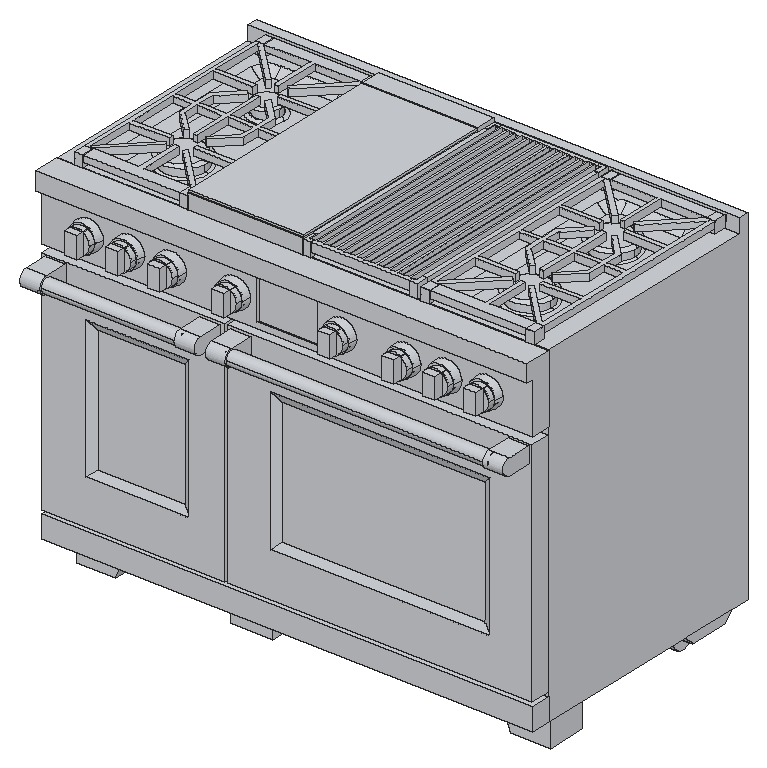
Revit family "DF48450CG_S_P", category Generic Models, Revit 2020
Family settings
  Can host rebar = No
  Round Connector Dimension = Use Diameter
  Part Type = Normal
  Work Plane-Based = No
  Always vertical = Yes
  Cut with Voids When Loaded = No
  Shared = No
  Room Calculation Point = No
Parameters
  Default Elevation = 0' - 0"
Reference planes (in)
  plane 1 "Center (Front/Back)": y = 0
  plane 2: z = 0
  plane 3 "Center (Left/Right)": x = 0
Forms (in)
  Extrusion 1, solid
    sketch origin (0, 0, 0) x (0, 1, 0) y (0, 0, 1)
      loop
        line (1.88976, 35.59055) -> (-0.70866, 35.59055) -> (-0.70866, 33.89764) -> (0, 33.89764) -> (0, 28.9252) -> (1.88976, 28.9252) -> (1.88976, 35.59055)
    from 0 to 47.87401
  Extrusion 2, solid
    sketch origin (0, 0, 0) x (0, 1, 0) y (0, 0, 1)
      loop
        line (26.14173, 36.9685) -> (25.15748, 36.9685) -> (25.15748, 35.59055) -> (1.9685, 35.59055) -> (1.9685, 3.14961) -> (26.14173, 3.14961) -> (26.14173, 36.9685)
    from 0 to 47.87401
  Extrusion 3, solid
    sketch origin (0, 0, 0) x (0, 1, 0) y (0, 0, 1)
      loop
        line (1.9685, 5.31496) -> (0, 5.31496) -> (0, 3.14961) -> (1.9685, 3.14961) -> (1.9685, 5.31496)
    from 0 to 47.87401
  Extrusion 4, solid
    sketch origin (0, 0, 0) x (0, 1, 0) y (0, 0, 1)
      loop
        line (0, 28.18898) -> (0, 5.70866) -> (1.9685, 5.70866) -> (1.9685, 28.18898) -> (0, 28.18898)
    from 0 to 17.79528
  Extrusion 5, solid
    sketch origin (0, 0, 0) x (0, 1, 0) y (0, 0, 1)
      loop
        line (0, 26.41732) -> (0, 27.99213) -> (-2.3622, 27.99213)
        arc (-2.3622, 27.99213) -> (-3.14961, 27.20472) -> (-2.3622, 26.41732) r 0.7874
        line (-2.3622, 26.41732) -> (0, 26.41732)
    from 0.40557 to 2.36419
  Extrusion 6, solid
    sketch origin (26.75, 0, 0) x (0, 1, 0) y (0, 0, 1)
      loop
        line (0, 26.41732) -> (0, 27.99213) -> (-2.3622, 27.99213)
        arc (-2.3622, 27.99213) -> (-3.14961, 27.20472) -> (-2.3622, 26.41732) r 0.7874
        line (-2.3622, 26.41732) -> (0, 26.41732)
    from -11.31693 to -9.35529
  Extrusion 7, solid
    sketch origin (0, 0, 0) x (0, 1, 0) y (0, 0, 1)
      loop
        circle (-2.41707, 27.24489) r 0.66649
    from 1.8261 to 15.89362
  Extrusion 8, solid
    sketch origin (0, 0, 0) x (1, 0, 0) y (0, 0, 1)
      loop
        line (0.84646, 3.14961) -> (0.84646, 0) -> (4.66535, 0) -> (5.90551, 3.14961) -> (0.84646, 3.14961)
    from -7.02923 to -3.18791
  Extrusion 9, solid
    sketch origin (17.99213, 0, 0) x (1, 0, 0) y (0, 0, 1)
      loop
        line (23.97638, 3.14961) -> (25.21654, 0) -> (29.03543, 0) -> (29.03543, 3.14961) -> (23.97638, 3.14961)
    from -7.02923 to -3.18791
  Extrusion 10, solid
    sketch origin (0, 0, 0) x (0, 1, 0) y (0, 0, 1)
      loop
        line (24.17323, 3.14961) -> (18.66142, 3.14961) -> (19.45248, 2.27893) -> (23.38927, 2.27893) -> (24.17323, 3.14961)
    from 0 to 4.72441
  Extrusion 11, solid
    sketch origin (0, 0, 0) x (0, 1, 0) y (0, 0, 1)
      loop
        line (22.5954, 2.27893) -> (20.23924, 2.27893) -> (21.02362, 1.10236) -> (21.81102, 1.10236) -> (22.5954, 2.27893)
    from 1.5748 to 3.93701
  Extrusion 12, solid
    sketch origin (0, 0, 0) x (0, 1, 0) y (0, 0, 1)
      loop
        circle (21.41732, 1.10236) r 1.1236
    from 2.55906 to 2.95276
  Extrusion 13, solid
    sketch origin (43.14961, 0, 0) x (0, 1, 0) y (0, 0, 1)
      loop
        line (24.17323, 3.14961) -> (18.66142, 3.14961) -> (19.45248, 2.27893) -> (23.38927, 2.27893) -> (24.17323, 3.14961)
    from 0 to 4.72441
  Extrusion 14, solid
    sketch origin (42.36522, 0, 0) x (0, 1, 0) y (0, 0, 1)
      loop
        line (22.5954, 2.27893) -> (20.23924, 2.27893) -> (21.02362, 1.10236) -> (21.81102, 1.10236) -> (22.5954, 2.27893)
    from 1.5748 to 3.93701
  Extrusion 15, solid
    sketch origin (42.36522, 0, 0) x (0, 1, 0) y (0, 0, 1)
      loop
        circle (21.41732, 1.10236) r 1.1236
    from 2.55906 to 2.95276
  Blend 16, solid
    base sketch origin (0.90551, 0, 0) x (1, 0, 0) y (0, 0, 1)
      loop
        circle (3.62205, 31.31299) r 1.45314
    top sketch origin (0.90551, 0, 0) x (1, 0, 0) y (0, 0, 1)
      loop
        circle (3.62205, 31.31299) r 1.33532
    from 0 to 0.7874
  Extrusion 17, solid
    sketch origin (0.90551, 0, 0) x (1, 0, 0) y (0, 0, 1)
      loop
        circle (3.62205, 31.31299) r 1.21601
    from 0 to 1.37795
  Extrusion 18, solid
    sketch origin (0.90551, 0, 0) x (1, 0, 0) y (0, 0, 1)
      loop
        line (3.0315, 32.37598) -> (3.0315, 30.29013) -> (4.2126, 30.29013) -> (4.2126, 32.37598) -> (3.0315, 32.37598)
    from 0 to 2.15573
  Blend 19, solid, not visible
    base sketch origin (0, 0, 0) x (1, 0, 0) y (0, 0, 1)
      loop
        circle (3.62205, 31.31299) r 1.45314
    top sketch origin (0, 0, 0) x (1, 0, 0) y (0, 0, 1)
      loop
        circle (3.62205, 31.31299) r 1.33532
    from 0 to 0.7874
  Extrusion 20, solid, not visible
    sketch origin (0, 0, 0) x (1, 0, 0) y (0, 0, 1)
      loop
        circle (3.62205, 31.31299) r 1.21601
    from 0 to 1.37795
  Extrusion 21, solid, not visible
    sketch origin (0, 0, 0) x (1, 0, 0) y (0, 0, 1)
      loop
        line (3.0315, 32.37598) -> (3.0315, 30.29013) -> (4.2126, 30.29013) -> (4.2126, 32.37598) -> (3.0315, 32.37598)
    from 0 to 2.15573
  Blend 22, solid
    base sketch origin (4.92126, 0, 0) x (1, 0, 0) y (0, 0, 1)
      loop
        circle (3.62205, 31.31299) r 1.45314
    top sketch origin (4.92126, 0, 0) x (1, 0, 0) y (0, 0, 1)
      loop
        circle (3.62205, 31.31299) r 1.33532
    from 0 to 0.7874
  Extrusion 23, solid
    sketch origin (4.92126, 0, 0) x (1, 0, 0) y (0, 0, 1)
      loop
        circle (3.62205, 31.31299) r 1.21601
    from 0 to 1.37795
  Extrusion 24, solid
    sketch origin (4.92126, 0, 0) x (1, 0, 0) y (0, 0, 1)
      loop
        line (3.0315, 32.37598) -> (3.0315, 30.29013) -> (4.2126, 30.29013) -> (4.2126, 32.37598) -> (3.0315, 32.37598)
    from 0 to 2.15573
  Blend 25, solid
    base sketch origin (9.00306, 0, 0) x (1, 0, 0) y (0, 0, 1)
      loop
        circle (3.62205, 31.31299) r 1.45314
    top sketch origin (9.00306, 0, 0) x (1, 0, 0) y (0, 0, 1)
      loop
        circle (3.62205, 31.31299) r 1.33532
    from 0 to 0.7874
  Extrusion 26, solid
    sketch origin (9.00306, 0, 0) x (1, 0, 0) y (0, 0, 1)
      loop
        circle (3.62205, 31.31299) r 1.21601
    from 0 to 1.37795
  Extrusion 27, solid
    sketch origin (9.00306, 0, 0) x (1, 0, 0) y (0, 0, 1)
      loop
        line (3.0315, 32.37598) -> (3.0315, 30.29013) -> (4.2126, 30.29013) -> (4.2126, 32.37598) -> (3.0315, 32.37598)
    from 0 to 2.15573
  Blend 28, solid
    base sketch origin (15.23622, 0, 0) x (1, 0, 0) y (0, 0, 1)
      loop
        circle (3.62205, 31.31299) r 1.45314
    top sketch origin (15.23622, 0, 0) x (1, 0, 0) y (0, 0, 1)
      loop
        circle (3.62205, 31.31299) r 1.33532
    from 0 to 0.7874
  Extrusion 29, solid
    sketch origin (15.23622, 0, 0) x (1, 0, 0) y (0, 0, 1)
      loop
        circle (3.62205, 31.31299) r 1.21601
    from 0 to 1.37795
  Extrusion 30, solid
    sketch origin (15.23622, 0, 0) x (1, 0, 0) y (0, 0, 1)
      loop
        line (3.0315, 32.37598) -> (3.0315, 30.29013) -> (4.2126, 30.29013) -> (4.2126, 32.37598) -> (3.0315, 32.37598)
    from 0 to 2.15573
  Blend 31, solid
    base sketch origin (25.59072, 0, 0) x (1, 0, 0) y (0, 0, 1)
      loop
        circle (3.62205, 31.31299) r 1.45314
    top sketch origin (25.59072, 0, 0) x (1, 0, 0) y (0, 0, 1)
      loop
        circle (3.62205, 31.31299) r 1.33532
    from 0 to 0.7874
  Extrusion 32, solid
    sketch origin (25.59072, 0, 0) x (1, 0, 0) y (0, 0, 1)
      loop
        circle (3.62205, 31.31299) r 1.21601
    from 0 to 1.37795
  Extrusion 33, solid
    sketch origin (25.59072, 0, 0) x (1, 0, 0) y (0, 0, 1)
      loop
        line (3.0315, 32.37598) -> (3.0315, 30.29013) -> (4.2126, 30.29013) -> (4.2126, 32.37598) -> (3.0315, 32.37598)
    from 0 to 2.15573
  Extrusion 34, void
    sketch origin (0, 0, 0) x (1, 0, 0) y (0, 0, 1)
      loop
        line (26.89068, 33.47638) -> (20.99005, 33.47638) -> (20.99005, 29.46063) -> (26.89068, 29.46063) -> (26.89068, 33.47638)
    from -0.22861 to 12
  Blend 35, void
    base sketch origin (0, 0, 0) x (1, 0, 0) y (0, 0, 1)
      loop
        line (5.09843, 23.05118) -> (5.09843, 10.84646) -> (13.58268, 10.84646) -> (13.58268, 23.05118) -> (5.09843, 23.05118)
    top sketch origin (0, 0, 0) x (1, 0, 0) y (0, 0, 1)
      loop
        line (14.37008, 23.83858) -> (4.31102, 23.83858) -> (4.31102, 10.05905) -> (14.37008, 10.05905) -> (14.37008, 23.83858)
    from -0.3937 to 0
  Blend 36, void
    base sketch origin (0.17716, 0, 0) x (1, 0, 0) y (0, 1, 0)
      loop
        arc (4.14855, 22.95276) -> (3.56747, 22.71206) -> (3.32677, 22.13098) r 0.82178
        line (3.32677, 22.13098) -> (3.32677, 4.8769)
        arc (3.32677, 4.8769) -> (3.56747, 4.29581) -> (4.14855, 4.05512) r 0.82178
        line (4.14855, 4.05512) -> (9.98531, 4.05512)
        arc (9.98531, 4.05512) -> (10.56639, 4.29581) -> (10.80709, 4.8769) r 0.82178
        line (10.80709, 4.8769) -> (10.80709, 22.13098)
        arc (10.80709, 22.13098) -> (10.56639, 22.71206) -> (9.98531, 22.95276) r 0.82178
        line (9.98531, 22.95276) -> (4.14855, 22.95276)
    top sketch origin (0.17716, 0, 0) x (1, 0, 0) y (0, 1, 0)
      loop
        arc (4.12346, 23.74016) -> (2.98272, 23.26764) -> (2.5102, 22.1269) r 1.61326
        line (2.5102, 22.1269) -> (2.5102, 4.8769)
        arc (2.5102, 4.8769) -> (2.98101, 3.74026) -> (4.11765, 3.26945) r 1.60744
        line (4.11765, 3.26945) -> (10.0306, 3.26945)
        arc (10.0306, 3.26945) -> (11.13644, 3.7275) -> (11.59449, 4.83334) r 1.56388
        line (11.59449, 4.83334) -> (11.59449, 22.13098)
        arc (11.59449, 22.13098) -> (11.12317, 23.26884) -> (9.98531, 23.74016) r 1.60918
        line (9.98531, 23.74016) -> (4.12346, 23.74016)
    from 34.80848 to 35.59055
  Extrusion 37, solid
    sketch origin (0.17716, 0, 0) x (1, 0, 0) y (0, 1, 0)
      loop
        line (1.55512, 25.15748) -> (1.55512, 1.88976) -> (12.57874, 1.88976) -> (12.57874, 25.15748) -> (1.55512, 25.15748)
      loop
        line (2.22659, 23.93701) -> (6.25887, 19.90473) -> (5.97639, 19.62225) -> (1.94342, 23.65522) -> (1.94342, 18.58268) -> (5.88583, 18.58268) -> (5.88583, 18.18898) -> (1.94342, 18.18898) -> (1.94342, 13.70079) -> (3.91732, 13.70079) -> (3.91732, 15.35713) -> (5.94192, 17.38172) -> (6.22031, 17.10333) -> (4.31102, 15.19405) -> (4.31102, 13.70079) -> (6.87008, 13.70079) -> (6.87008, 17.27886) -> (7.26545, 17.27886) -> (7.26545, 13.70079) -> (9.82036, 13.70079) -> (9.82036, 15.19738) -> (7.91548, 17.10225) -> (8.19345, 17.38021) -> (10.21654, 15.35713) -> (10.21654, 13.70079) -> (12.18504, 13.70079) -> (12.18504, 18.18898) -> (8.24803, 18.18898) -> (8.24803, 18.58268) -> (12.18504, 18.58268) -> (12.18504, 23.65908) -> (8.15161, 19.62565) -> (7.86344, 19.91382) -> (11.88664, 23.93701) -> (7.26378, 23.93701) -> (7.26378, 19.6063) -> (6.87008, 19.6063) -> (6.87008, 23.93701) -> (2.22659, 23.93701)
      loop
        line (9.82036, 11.79288) -> (9.82036, 13.30709) -> (7.26545, 13.30709) -> (7.26545, 9.74409) -> (6.87008, 9.74409) -> (6.87008, 13.30709) -> (4.31102, 13.30709) -> (4.31102, 11.81382) -> (6.22187, 9.90297) -> (5.94348, 9.62459) -> (3.91732, 11.65075) -> (3.91732, 13.31073) -> (1.94342, 13.31073) -> (1.94342, 8.38583) -> (5.88583, 8.38583) -> (5.88583, 7.99213) -> (1.94342, 7.99213) -> (1.94342, 3.37305) -> (5.97438, 7.40401) -> (6.26736, 7.11102) -> (2.22655, 3.07021) -> (6.86986, 3.07021) -> (6.86986, 7.40401) -> (7.26545, 7.40401) -> (7.26545, 3.07021) -> (11.90457, 3.07021) -> (7.84812, 7.12666) -> (8.11918, 7.39772) -> (12.18504, 3.33186) -> (12.18504, 7.99213) -> (8.24803, 7.99213) -> (8.24803, 8.38583) -> (12.18504, 8.38583) -> (12.18504, 13.30709) -> (10.21654, 13.30709) -> (10.21654, 11.65075) -> (8.19038, 9.62459) -> (7.92122, 9.89374) -> (9.82036, 11.79288)
    from 36.10253 to 36.77165
  Extrusion 38, solid
    sketch origin (0.17716, 0, 0) x (1, 0, 0) y (0, 1, 0)
      loop
        line (11.79134, 3.07021) -> (11.79134, 1.88976) -> (12.57874, 1.88976) -> (12.57874, 3.07021) -> (11.79134, 3.07021)
      loop
        line (12.57874, 25.11811) -> (11.79134, 25.11811) -> (11.79134, 23.93701) -> (12.57874, 23.93701) -> (12.57874, 25.11811)
      loop
        line (1.55512, 25.11811) -> (1.55512, 23.93701) -> (2.34252, 23.93701) -> (2.34252, 25.11811) -> (1.55512, 25.11811)
      loop
        line (2.34252, 3.07021) -> (1.55512, 3.07021) -> (1.55512, 1.88976) -> (2.34252, 1.88976) -> (2.34252, 3.07021)
    from 35.59055 to 36.77165
  Extrusion 39, solid
    sketch origin (33.91732, 0, 0) x (1, 0, 0) y (0, 1, 0)
      loop
        line (1.55512, 25.15748) -> (1.55512, 1.88976) -> (12.57874, 1.88976) -> (12.57874, 25.15748) -> (1.55512, 25.15748)
      loop
        line (2.22659, 23.93701) -> (6.25887, 19.90473) -> (5.97639, 19.62225) -> (1.94342, 23.65522) -> (1.94342, 18.58268) -> (5.88583, 18.58268) -> (5.88583, 18.18898) -> (1.94342, 18.18898) -> (1.94342, 13.70079) -> (3.91732, 13.70079) -> (3.91732, 15.35713) -> (5.94192, 17.38172) -> (6.22031, 17.10333) -> (4.31102, 15.19405) -> (4.31102, 13.70079) -> (6.87008, 13.70079) -> (6.87008, 17.27886) -> (7.26545, 17.27886) -> (7.26545, 13.70079) -> (9.82036, 13.70079) -> (9.82036, 15.19738) -> (7.91548, 17.10225) -> (8.19345, 17.38021) -> (10.21654, 15.35713) -> (10.21654, 13.70079) -> (12.18504, 13.70079) -> (12.18504, 18.18898) -> (8.24803, 18.18898) -> (8.24803, 18.58268) -> (12.18504, 18.58268) -> (12.18504, 23.65908) -> (8.15161, 19.62565) -> (7.86344, 19.91382) -> (11.88664, 23.93701) -> (7.26378, 23.93701) -> (7.26378, 19.6063) -> (6.87008, 19.6063) -> (6.87008, 23.93701) -> (2.22659, 23.93701)
      loop
        line (9.82036, 11.79288) -> (9.82036, 13.30709) -> (7.26545, 13.30709) -> (7.26545, 9.74409) -> (6.87008, 9.74409) -> (6.87008, 13.30709) -> (4.31102, 13.30709) -> (4.31102, 11.81382) -> (6.22187, 9.90297) -> (5.94348, 9.62459) -> (3.91732, 11.65075) -> (3.91732, 13.31073) -> (1.94342, 13.31073) -> (1.94342, 8.38583) -> (5.88583, 8.38583) -> (5.88583, 7.99213) -> (1.94342, 7.99213) -> (1.94342, 3.37305) -> (5.97438, 7.40401) -> (6.26736, 7.11102) -> (2.22655, 3.07021) -> (6.86986, 3.07021) -> (6.86986, 7.40401) -> (7.26545, 7.40401) -> (7.26545, 3.07021) -> (11.90457, 3.07021) -> (7.84812, 7.12666) -> (8.11918, 7.39772) -> (12.18504, 3.33186) -> (12.18504, 7.99213) -> (8.24803, 7.99213) -> (8.24803, 8.38583) -> (12.18504, 8.38583) -> (12.18504, 13.30709) -> (10.21654, 13.30709) -> (10.21654, 11.65075) -> (8.19038, 9.62459) -> (7.92122, 9.89374) -> (9.82036, 11.79288)
    from 36.10253 to 36.77165
  Extrusion 40, solid
    sketch origin (33.91732, 0, 0) x (1, 0, 0) y (0, 1, 0)
      loop
        line (11.79134, 3.07021) -> (11.79134, 1.88976) -> (12.57874, 1.88976) -> (12.57874, 3.07021) -> (11.79134, 3.07021)
      loop
        line (12.57874, 25.11811) -> (11.79134, 25.11811) -> (11.79134, 23.93701) -> (12.57874, 23.93701) -> (12.57874, 25.11811)
      loop
        line (1.55512, 25.11811) -> (1.55512, 23.93701) -> (2.34252, 23.93701) -> (2.34252, 25.11811) -> (1.55512, 25.11811)
      loop
        line (2.34252, 3.07021) -> (1.55512, 3.07021) -> (1.55512, 1.88976) -> (2.34252, 1.88976) -> (2.34252, 3.07021)
    from 35.59055 to 36.77165
  Blend 41, solid
    base sketch origin (0.17716, 0, 0) x (1, 0, 0) y (0, 1, 0)
      loop
        circle (7.09071, 18.35456) r 1.75898
    top sketch origin (0.17716, 0, 0) x (1, 0, 0) y (0, 1, 0)
      loop
        circle (7.09071, 18.35456) r 1.42487
    from 34.80848 to 34.99711
  Blend 42, solid
    base sketch origin (0.17716, -10.19685, 0) x (1, 0, 0) y (0, 1, 0)
      loop
        circle (7.09071, 18.35456) r 2.38325
    top sketch origin (0.17716, -10.19685, 0) x (1, 0, 0) y (0, 1, 0)
      loop
        circle (7.09071, 18.35456) r 2
    from 34.80848 to 34.99711
  Extrusion 43, solid
    sketch origin (0.17716, 0, 0) x (1, 0, 0) y (0, 1, 0)
      loop
        circle (7.10752, 18.34098) r 1.28657
    from 34.80848 to 35.7874
  Extrusion 44, solid
    sketch origin (0.17716, -10.19685, 0) x (1, 0, 0) y (0, 1, 0)
      loop
        circle (7.10752, 18.34098) r 2.08832
    from 34.80848 to 35.7874
  Blend 45, solid
    base sketch origin (0.17716, 0, 0.97892) x (1, 0, 0) y (0, 1, 0)
      loop
        circle (7.09071, 18.35456) r 1.42487
    top sketch origin (0.17716, 0, 0.97892) x (1, 0, 0) y (0, 1, 0)
      loop
        circle (7.09071, 18.35456) r 1.25
    from 34.80848 to 34.99711
  Blend 46, solid
    base sketch origin (0.17716, -10.19685, 0.97892) x (1, 0, 0) y (0, 1, 0)
      loop
        circle (7.09071, 18.35456) r 2.38325
    top sketch origin (0.17716, -10.19685, 0.97892) x (1, 0, 0) y (0, 1, 0)
      loop
        circle (7.09071, 18.35456) r 2
    from 34.80848 to 34.99711
  Blend 47, solid
    base sketch origin (33.91732, 0, 0) x (1, 0, 0) y (0, 1, 0)
      loop
        circle (7.09071, 18.35456) r 2.38325
    top sketch origin (33.91732, 0, 0) x (1, 0, 0) y (0, 1, 0)
      loop
        circle (7.09071, 18.35456) r 2
    from 34.80848 to 34.99711
  Extrusion 48, solid
    sketch origin (33.91732, 0, 0) x (1, 0, 0) y (0, 1, 0)
      loop
        circle (7.10752, 18.34098) r 2.08832
    from 34.80848 to 35.7874
  Blend 49, solid
    base sketch origin (33.91732, 0, 0.97892) x (1, 0, 0) y (0, 1, 0)
      loop
        circle (7.09071, 18.35456) r 2.38325
    top sketch origin (33.91732, 0, 0.97892) x (1, 0, 0) y (0, 1, 0)
      loop
        circle (7.09071, 18.35456) r 2
    from 34.80848 to 34.99711
  Blend 50, solid
    base sketch origin (33.91732, -10.19685, 0) x (1, 0, 0) y (0, 1, 0)
      loop
        circle (7.09071, 18.35456) r 2.38325
    top sketch origin (33.91732, -10.19685, 0) x (1, 0, 0) y (0, 1, 0)
      loop
        circle (7.09071, 18.35456) r 2
    from 34.80848 to 34.99711
  Extrusion 51, solid
    sketch origin (33.91732, -10.19685, 0) x (1, 0, 0) y (0, 1, 0)
      loop
        circle (7.10752, 18.34098) r 2.08832
    from 34.80848 to 35.7874
  Blend 52, solid
    base sketch origin (33.91732, -10.19685, 0.97892) x (1, 0, 0) y (0, 1, 0)
      loop
        circle (7.09071, 18.35456) r 2.38325
    top sketch origin (33.91732, -10.19685, 0.97892) x (1, 0, 0) y (0, 1, 0)
      loop
        circle (7.09071, 18.35456) r 2
    from 34.80848 to 34.99711
  Blend 53, solid
    base sketch origin (10.93176, 0, 0) x (1, 0, 0) y (0, 1, 0)
      loop
        circle (7.09071, 18.35456) r 1.75898
    top sketch origin (10.93176, 0, 0) x (1, 0, 0) y (0, 1, 0)
      loop
        circle (7.09071, 18.35456) r 1.42487
    from 34.80848 to 34.99711
  Extrusion 54, solid
    sketch origin (15.82677, 0, 0) x (0, 1, 0) y (0, 0, 1)
      loop
        line (24.17323, 3.14961) -> (18.66142, 3.14961) -> (19.45248, 2.27893) -> (23.38927, 2.27893) -> (24.17323, 3.14961)
    from -0.7874 to 4.72441
  Extrusion 55, solid
    sketch origin (15.03937, 0, 0) x (0, 1, 0) y (0, 0, 1)
      loop
        line (22.5954, 2.27893) -> (20.23924, 2.27893) -> (21.02362, 1.10236) -> (21.81102, 1.10236) -> (22.5954, 2.27893)
    from 1.5748 to 3.93701
  Extrusion 56, solid
    sketch origin (15.03937, 0, 0) x (0, 1, 0) y (0, 0, 1)
      loop
        circle (21.41732, 1.10236) r 1.1236
    from 2.55906 to 2.95276
  Extrusion 57, solid
    sketch origin (0, 0, 0) x (1, 0, 0) y (0, 0, 1)
      loop
        line (15.82677, 0) -> (19.96063, 0) -> (19.96063, 3.14961) -> (15.82677, 3.14961) -> (15.82677, 0)
    from -7.02923 to -3.18791
  Extrusion 58, solid
    sketch origin (30, 0, 0) x (0, 1, 0) y (0, 0, 1)
      loop
        line (0, 28.18898) -> (0, 5.70866) -> (1.9685, 5.70866) -> (1.9685, 28.18898) -> (0, 28.18898)
    from -11.88976 to 17.79528
  Blend 59, void
    base sketch origin (30, 0, 0) x (1, 0, 0) y (0, 0, 1)
      loop
        line (-6.90945, 23.05118) -> (-6.90945, 10.84646) -> (12.8937, 10.84646) -> (12.8937, 23.05118) -> (-6.90945, 23.05118)
    top sketch origin (30, 0, 0) x (1, 0, 0) y (0, 0, 1)
      loop
        line (13.6811, 23.83858) -> (-7.69685, 23.83858) -> (-7.69685, 10.05905) -> (13.6811, 10.05905) -> (13.6811, 23.83858)
    from -0.3937 to 0
  Extrusion 60, solid
    sketch origin (30.06421, 0, 0) x (0, 1, 0) y (0, 0, 1)
      loop
        line (0, 26.41732) -> (0, 27.99213) -> (-2.3622, 27.99213)
        arc (-2.3622, 27.99213) -> (-3.14961, 27.20472) -> (-2.3622, 26.41732) r 0.7874
        line (-2.3622, 26.41732) -> (0, 26.41732)
    from -11.59142 to -9.6695
  Extrusion 61, solid
    sketch origin (56.81421, 0, 0) x (0, 1, 0) y (0, 0, 1)
      loop
        line (0, 26.41732) -> (0, 27.99213) -> (-2.3622, 27.99213)
        arc (-2.3622, 27.99213) -> (-3.14961, 27.20472) -> (-2.3622, 26.41732) r 0.7874
        line (-2.3622, 26.41732) -> (0, 26.41732)
    from -11.31693 to -9.35529
  Extrusion 62, solid
    sketch origin (30.06421, 0, 0) x (0, 1, 0) y (0, 0, 1)
      loop
        circle (-2.41707, 27.24489) r 0.66649
    from -9.85108 to 15.89362
  Blend 63, solid
    base sketch origin (31.84072, 0, 0) x (1, 0, 0) y (0, 0, 1)
      loop
        circle (3.62205, 31.31299) r 1.45314
    top sketch origin (31.84072, 0, 0) x (1, 0, 0) y (0, 0, 1)
      loop
        circle (3.62205, 31.31299) r 1.33532
    from 0 to 0.7874
  Extrusion 64, solid
    sketch origin (31.84072, 0, 0) x (1, 0, 0) y (0, 0, 1)
      loop
        circle (3.62205, 31.31299) r 1.21601
    from 0 to 1.37795
  Extrusion 65, solid
    sketch origin (31.84072, 0, 0) x (1, 0, 0) y (0, 0, 1)
      loop
        line (3.0315, 32.37598) -> (3.0315, 30.29013) -> (4.2126, 30.29013) -> (4.2126, 32.37598) -> (3.0315, 32.37598)
    from 0 to 2.15573
  Blend 66, solid
    base sketch origin (35.84072, 0, 0) x (1, 0, 0) y (0, 0, 1)
      loop
        circle (3.62205, 31.31299) r 1.45314
    top sketch origin (35.84072, 0, 0) x (1, 0, 0) y (0, 0, 1)
      loop
        circle (3.62205, 31.31299) r 1.33532
    from 0 to 0.7874
  Extrusion 67, solid
    sketch origin (35.84072, 0, 0) x (1, 0, 0) y (0, 0, 1)
      loop
        circle (3.62205, 31.31299) r 1.21601
    from 0 to 1.37795
  Extrusion 68, solid
    sketch origin (35.84072, 0, 0) x (1, 0, 0) y (0, 0, 1)
      loop
        line (3.0315, 32.37598) -> (3.0315, 30.29013) -> (4.2126, 30.29013) -> (4.2126, 32.37598) -> (3.0315, 32.37598)
    from 0 to 2.15573
  Blend 69, solid
    base sketch origin (39.84072, 0, 0) x (1, 0, 0) y (0, 0, 1)
      loop
        circle (3.62205, 31.31299) r 1.45314
    top sketch origin (39.84072, 0, 0) x (1, 0, 0) y (0, 0, 1)
      loop
        circle (3.62205, 31.31299) r 1.33532
    from 0 to 0.7874
  Extrusion 70, solid
    sketch origin (39.84072, 0, 0) x (1, 0, 0) y (0, 0, 1)
      loop
        circle (3.62205, 31.31299) r 1.21601
    from 0 to 1.37795
  Extrusion 71, solid
    sketch origin (39.84072, 0, 0) x (1, 0, 0) y (0, 0, 1)
      loop
        line (3.0315, 32.37598) -> (3.0315, 30.29013) -> (4.2126, 30.29013) -> (4.2126, 32.37598) -> (3.0315, 32.37598)
    from 0 to 2.15573
  Blend 72, void
    base sketch origin (33.91732, 0, 0) x (1, 0, 0) y (0, 1, 0)
      loop
        arc (4.14855, 22.95276) -> (3.56747, 22.71206) -> (3.32677, 22.13098) r 0.82178
        line (3.32677, 22.13098) -> (3.32677, 4.8769)
        arc (3.32677, 4.8769) -> (3.56747, 4.29581) -> (4.14855, 4.05512) r 0.82178
        line (4.14855, 4.05512) -> (9.98531, 4.05512)
        arc (9.98531, 4.05512) -> (10.56639, 4.29581) -> (10.80709, 4.8769) r 0.82178
        line (10.80709, 4.8769) -> (10.80709, 22.13098)
        arc (10.80709, 22.13098) -> (10.56639, 22.71206) -> (9.98531, 22.95276) r 0.82178
        line (9.98531, 22.95276) -> (4.14855, 22.95276)
    top sketch origin (33.91732, 0, 0) x (1, 0, 0) y (0, 1, 0)
      loop
        arc (4.12346, 23.74016) -> (2.98272, 23.26764) -> (2.5102, 22.1269) r 1.61326
        line (2.5102, 22.1269) -> (2.5102, 4.8769)
        arc (2.5102, 4.8769) -> (2.98101, 3.74026) -> (4.11765, 3.26945) r 1.60744
        line (4.11765, 3.26945) -> (10.0306, 3.26945)
        arc (10.0306, 3.26945) -> (11.13644, 3.7275) -> (11.59449, 4.83334) r 1.56388
        line (11.59449, 4.83334) -> (11.59449, 22.13098)
        arc (11.59449, 22.13098) -> (11.12317, 23.26884) -> (9.98531, 23.74016) r 1.60918
        line (9.98531, 23.74016) -> (4.12346, 23.74016)
    from 34.80848 to 35.59055
  Blend 73, void, not visible
    base sketch origin (-0.55118, 0, 0) x (1, 0, 0) y (0, 1, 0)
      loop
        arc (4.14855, 22.95276) -> (3.56747, 22.71206) -> (3.32677, 22.13098) r 0.82178
        line (3.32677, 22.13098) -> (3.32677, 4.8769)
        arc (3.32677, 4.8769) -> (3.56747, 4.29581) -> (4.14855, 4.05512) r 0.82178
        line (4.14855, 4.05512) -> (9.98531, 4.05512)
        arc (9.98531, 4.05512) -> (10.56639, 4.29581) -> (10.80709, 4.8769) r 0.82178
        line (10.80709, 4.8769) -> (10.80709, 22.13098)
        arc (10.80709, 22.13098) -> (10.56639, 22.71206) -> (9.98531, 22.95276) r 0.82178
        line (9.98531, 22.95276) -> (4.14855, 22.95276)
    top sketch origin (-0.55118, 0, 0) x (1, 0, 0) y (0, 1, 0)
      loop
        arc (4.12346, 23.74016) -> (2.98272, 23.26764) -> (2.5102, 22.1269) r 1.61326
        line (2.5102, 22.1269) -> (2.5102, 4.8769)
        arc (2.5102, 4.8769) -> (2.98101, 3.74026) -> (4.11765, 3.26945) r 1.60744
        line (4.11765, 3.26945) -> (10.0306, 3.26945)
        arc (10.0306, 3.26945) -> (11.13644, 3.7275) -> (11.59449, 4.83334) r 1.56388
        line (11.59449, 4.83334) -> (11.59449, 22.13098)
        arc (11.59449, 22.13098) -> (11.12317, 23.26884) -> (9.98531, 23.74016) r 1.60918
        line (9.98531, 23.74016) -> (4.12346, 23.74016)
    from 34.80848 to 35.59055
  Extrusion 74, solid, not visible
    sketch origin (-0.55118, 0, 0) x (1, 0, 0) y (0, 1, 0)
      loop
        line (1.55512, 25.15748) -> (1.55512, 1.88976) -> (12.57874, 1.88976) -> (12.57874, 25.15748) -> (1.55512, 25.15748)
      loop
        line (2.22659, 23.93701) -> (6.25887, 19.90473) -> (5.97639, 19.62225) -> (1.94342, 23.65522) -> (1.94342, 18.58268) -> (5.88583, 18.58268) -> (5.88583, 18.18898) -> (1.94342, 18.18898) -> (1.94342, 13.70079) -> (3.91732, 13.70079) -> (3.91732, 15.35713) -> (5.94192, 17.38172) -> (6.22031, 17.10333) -> (4.31102, 15.19405) -> (4.31102, 13.70079) -> (6.87008, 13.70079) -> (6.87008, 17.27886) -> (7.26545, 17.27886) -> (7.26545, 13.70079) -> (9.82036, 13.70079) -> (9.82036, 15.19738) -> (7.91548, 17.10225) -> (8.19345, 17.38021) -> (10.21654, 15.35713) -> (10.21654, 13.70079) -> (12.18504, 13.70079) -> (12.18504, 18.18898) -> (8.24803, 18.18898) -> (8.24803, 18.58268) -> (12.18504, 18.58268) -> (12.18504, 23.65908) -> (8.15161, 19.62565) -> (7.86344, 19.91382) -> (11.88664, 23.93701) -> (7.26378, 23.93701) -> (7.26378, 19.6063) -> (6.87008, 19.6063) -> (6.87008, 23.93701) -> (2.22659, 23.93701)
      loop
        line (9.82036, 11.79288) -> (9.82036, 13.30709) -> (7.26545, 13.30709) -> (7.26545, 9.74409) -> (6.87008, 9.74409) -> (6.87008, 13.30709) -> (4.31102, 13.30709) -> (4.31102, 11.81382) -> (6.22187, 9.90297) -> (5.94348, 9.62459) -> (3.91732, 11.65075) -> (3.91732, 13.31073) -> (1.94342, 13.31073) -> (1.94342, 8.38583) -> (5.88583, 8.38583) -> (5.88583, 7.99213) -> (1.94342, 7.99213) -> (1.94342, 3.37305) -> (5.97438, 7.40401) -> (6.26736, 7.11102) -> (2.22655, 3.07021) -> (6.86986, 3.07021) -> (6.86986, 7.40401) -> (7.26545, 7.40401) -> (7.26545, 3.07021) -> (11.90457, 3.07021) -> (7.84812, 7.12666) -> (8.11918, 7.39772) -> (12.18504, 3.33186) -> (12.18504, 7.99213) -> (8.24803, 7.99213) -> (8.24803, 8.38583) -> (12.18504, 8.38583) -> (12.18504, 13.30709) -> (10.21654, 13.30709) -> (10.21654, 11.65075) -> (8.19038, 9.62459) -> (7.92122, 9.89374) -> (9.82036, 11.79288)
    from 36.10253 to 36.77165
  Extrusion 75, solid, not visible
    sketch origin (-0.55118, 0, 0) x (1, 0, 0) y (0, 1, 0)
      loop
        line (11.79134, 3.07021) -> (11.79134, 1.88976) -> (12.57874, 1.88976) -> (12.57874, 3.07021) -> (11.79134, 3.07021)
      loop
        line (12.57874, 25.11811) -> (11.79134, 25.11811) -> (11.79134, 23.93701) -> (12.57874, 23.93701) -> (12.57874, 25.11811)
      loop
        line (1.55512, 25.11811) -> (1.55512, 23.93701) -> (2.34252, 23.93701) -> (2.34252, 25.11811) -> (1.55512, 25.11811)
      loop
        line (2.34252, 3.07021) -> (1.55512, 3.07021) -> (1.55512, 1.88976) -> (2.34252, 1.88976) -> (2.34252, 3.07021)
    from 35.59055 to 36.77165
  Blend 76, solid, not visible
    base sketch origin (-0.55118, 0, 0) x (1, 0, 0) y (0, 1, 0)
      loop
        circle (7.09071, 18.35456) r 1.75898
    top sketch origin (-0.55118, 0, 0) x (1, 0, 0) y (0, 1, 0)
      loop
        circle (7.09071, 18.35456) r 1.42487
    from 34.80848 to 34.99711
  Blend 77, solid, not visible
    base sketch origin (-0.55118, -10.19685, 0) x (1, 0, 0) y (0, 1, 0)
      loop
        circle (7.09071, 18.35456) r 2.38325
    top sketch origin (-0.55118, -10.19685, 0) x (1, 0, 0) y (0, 1, 0)
      loop
        circle (7.09071, 18.35456) r 2
    from 34.80848 to 34.99711
  Extrusion 78, solid, not visible
    sketch origin (-0.55118, 0, 0) x (1, 0, 0) y (0, 1, 0)
      loop
        circle (7.10752, 18.34098) r 1.28657
    from 34.80848 to 35.7874
  Extrusion 79, solid, not visible
    sketch origin (-0.55118, -10.19685, 0) x (1, 0, 0) y (0, 1, 0)
      loop
        circle (7.10752, 18.34098) r 2.08832
    from 34.80848 to 35.7874
  Blend 80, solid, not visible
    base sketch origin (-0.55118, 0, 0.97892) x (1, 0, 0) y (0, 1, 0)
      loop
        circle (7.09071, 18.35456) r 1.42487
    top sketch origin (-0.55118, 0, 0.97892) x (1, 0, 0) y (0, 1, 0)
      loop
        circle (7.09071, 18.35456) r 1.25
    from 34.80848 to 34.99711
  Blend 81, solid, not visible
    base sketch origin (-0.55118, -10.19685, 0.97892) x (1, 0, 0) y (0, 1, 0)
      loop
        circle (7.09071, 18.35456) r 2.38325
    top sketch origin (-0.55118, -10.19685, 0.97892) x (1, 0, 0) y (0, 1, 0)
      loop
        circle (7.09071, 18.35456) r 2
    from 34.80848 to 34.99711
  Extrusion 82, solid
    sketch origin (0, 0, 0) x (1, 0, 0) y (0, 1, 0)
      loop
        line (23.93701, 23.14961) -> (23.93701, 25.15748) -> (12.75591, 25.15748) -> (12.75591, 23.14961) -> (23.93701, 23.14961)
    from 35.59055 to 37.27863
  Extrusion 83, solid
    sketch origin (0, -10.62992, 0) x (1, 0, 0) y (0, 1, 0)
      loop
        line (23.93701, 12.59843) -> (23.93701, 33.77953) -> (12.75591, 33.77953) -> (12.75591, 12.59843) -> (23.93701, 12.59843)
    from 37.09028 to 37.27863
  Extrusion 84, solid
    sketch origin (0, -15.51134, 0) x (1, 0, 0) y (0, 1, 0)
      loop
        line (23.93701, 17.4011) -> (23.93701, 18.58155) -> (12.75591, 18.58155) -> (12.75591, 17.4011) -> (23.93701, 17.4011)
    from 35.59055 to 37.01222
  Blend 85, void
    base sketch origin (0, 0, 0) x (1, 0, 0) y (0, 1, 0)
      loop
        line (31.91339, 20.49606) -> (26.59055, 20.49606) -> (26.59055, 5.33071) -> (31.91339, 5.33071) -> (31.91339, 20.49606)
    top sketch origin (0, 0, 0) x (1, 0, 0) y (0, 1, 0)
      loop
        line (33.18898, 21.77165) -> (25.31496, 21.77165) -> (25.31496, 4.05512) -> (33.18898, 4.05512) -> (33.18898, 21.77165)
    from 32.56182 to 35.94108
  Extrusion 86, solid
    sketch origin (0, 0, 0) x (1, 0, 0) y (0, 1, 0)
      loop
        line (35.11811, 25.11811) -> (23.93701, 25.11811) -> (23.93701, 1.88976) -> (35.11811, 1.88976) -> (35.11811, 25.11811)
      loop
        line (34.72441, 24.72441) -> (34.15354, 24.72441) -> (34.15354, 2.28346) -> (34.72441, 2.28346) -> (34.72441, 24.72441)
      loop
        line (33.99606, 2.28346) -> (33.99606, 24.72441) -> (33.50394, 24.72441) -> (33.50394, 2.28346) -> (33.99606, 2.28346)
      loop
        line (33.34646, 2.28346) -> (33.34646, 24.72441) -> (32.85433, 24.72441) -> (32.85433, 2.28346) -> (33.34646, 2.28346)
      loop
        line (32.69685, 2.28346) -> (32.69685, 24.72441) -> (32.20473, 24.72441) -> (32.20473, 2.28346) -> (32.69685, 2.28346)
      loop
        line (32.04725, 2.28346) -> (32.04725, 24.72441) -> (31.55512, 24.72441) -> (31.55512, 2.28346) -> (32.04725, 2.28346)
      loop
        line (31.39764, 2.28346) -> (31.39764, 24.72441) -> (30.90551, 24.72441) -> (30.90551, 2.28346) -> (31.39764, 2.28346)
      loop
        line (30.74803, 2.28346) -> (30.74803, 24.72441) -> (30.25591, 24.72441) -> (30.25591, 2.28346) -> (30.74803, 2.28346)
      loop
        line (30.09842, 2.28346) -> (30.09842, 24.72441) -> (29.6063, 24.72441) -> (29.6063, 2.28346) -> (30.09842, 2.28346)
      loop
        line (29.44882, 2.28346) -> (29.44882, 24.72441) -> (28.95669, 24.72441) -> (28.95669, 2.28346) -> (29.44882, 2.28346)
      loop
        line (28.79921, 2.28346) -> (28.79921, 24.72441) -> (28.30709, 24.72441) -> (28.30709, 2.28346) -> (28.79921, 2.28346)
      loop
        line (28.14961, 2.28346) -> (28.14961, 24.72441) -> (27.65748, 24.72441) -> (27.65748, 2.28346) -> (28.14961, 2.28346)
      loop
        line (27.5, 2.28346) -> (27.5, 24.72441) -> (27.00788, 24.72441) -> (27.00788, 2.28346) -> (27.5, 2.28346)
      loop
        line (26.85039, 2.28346) -> (26.85039, 24.72441) -> (26.35827, 24.72441) -> (26.35827, 2.28346) -> (26.85039, 2.28346)
      loop
        line (26.20079, 2.28346) -> (26.20079, 24.72441) -> (25.70866, 24.72441) -> (25.70866, 2.28346) -> (26.20079, 2.28346)
      loop
        line (25.55118, 2.28346) -> (25.55118, 24.72441) -> (25.05906, 24.72441) -> (25.05906, 2.28346) -> (25.55118, 2.28346)
      loop
        line (24.90157, 2.28346) -> (24.90157, 24.72441) -> (24.40945, 24.72441) -> (24.40945, 2.28346) -> (24.90157, 2.28346)
    from 36.10253 to 36.9685
  Extrusion 87, solid
    sketch origin (0, 0, 0) x (1, 0, 0) y (0, 1, 0)
      loop
        line (24.72441, 24.72441) -> (24.72441, 25.11811) -> (23.93701, 25.11811) -> (23.93701, 23.93701) -> (24.33071, 23.93701) -> (24.33071, 24.72441) -> (24.72441, 24.72441)
      loop
        line (34.33071, 25.11811) -> (34.33071, 24.72441) -> (34.72441, 24.72441) -> (34.72441, 23.93701) -> (35.11811, 23.93701) -> (35.11811, 25.11811) -> (34.33071, 25.11811)
      loop
        line (23.93701, 3.07021) -> (23.93701, 1.88976) -> (24.72441, 1.88976) -> (24.72441, 2.28346) -> (24.33071, 2.28346) -> (24.33071, 3.07021) -> (23.93701, 3.07021)
      loop
        line (34.33071, 2.28346) -> (34.33071, 1.88976) -> (35.11811, 1.88976) -> (35.11811, 3.07087) -> (34.72441, 3.07087) -> (34.72441, 2.28346) -> (34.33071, 2.28346)
    from 35.59055 to 36.9685
Cuts and joins
  Extrusion 34 cuts Extrusion 1
  Blend 35, Blend 59 cuts Extrusion 4
  Blend 36, Blend 72, Blend 85 cuts Extrusion 2
  Blend 36 cuts Extrusion 8
  Blend 36 cuts Extrusion 10
  Blend 36 cuts Extrusion 11
  Blend 59 cuts Extrusion 58
  Blend 72 cuts Blend 53
Dimensions and locks (in)
  aligned and locked: plane 2 to level
